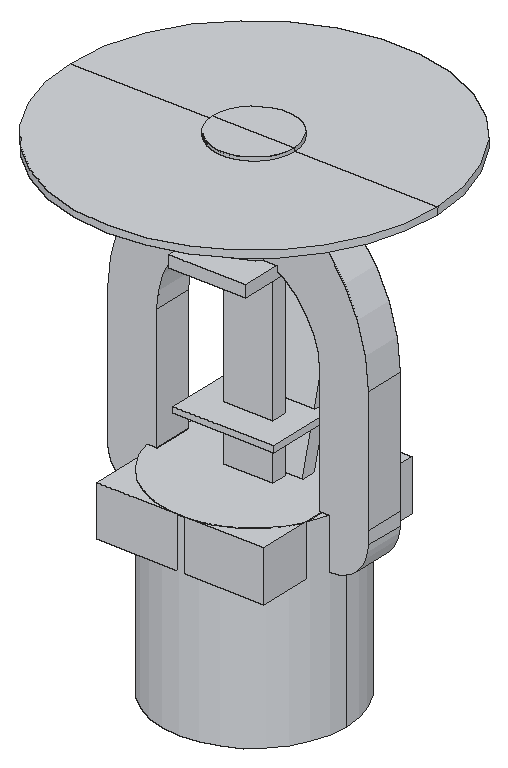
Revit family
Parameters (values of type "RASCO KFR-CCS")
  Temperature Rating = 212 °F
  Response = 1
  RASCO SIN # = "RA4454"
  RASCO Part # = "MN21113299"
  Pressure Rating = "175 PSI"
  Pressure Class = (empty or 0)
  Orifice Size = 1/2"
  Orifice = (empty or 0)
  Model = "KFR-CCS"
  Manufacturer = "RASCO"
  K-Factor = 5.6
  Description = "Bronze Finish"
  Coverage = (empty or 0)
Reference planes (in)
  plane 1 "Center (Front/Back)": y = 0
  plane 2: z = 0
  plane 3 "Center (Left/Right)": x = 0
Dimensions and locks (in)
  aligned and locked: plane 2 to level
Nested families (in)
  nested 1: "RASCO- KFR-CCS" at (-2.11938, 4.1533, 0), type "RASCO KFR-CCS"
Connectors (in)
  piping at (-2.11938, 4.1533, 0), driven by "Orifice Size"
    settings: on nested 1, index 1, connector radius 1/2", flow factor 0, pipe flow 0 GPM, pressure drop 0.00 psi, fitting loss kfactor 0, connector angle 0.00°, fixture units 0, flow configuration 0, flow direction 0, fitting loss method 0, system type 7, connector reference index -1, connector utility 0, adjustable connector no, is connector primary yes, fitting loss table "", connector description ""
Definition of nested family "RASCO- KFR-CCS"
  Parameters (values of type "RASCO KFR-CCS")
    Type Comments = ""
    Temperature Rating = 0 °F
    Response = (empty or 0)
    Pressure Rating = "0"
    Pressure Class = (empty or 0)
    Orifice Size = 0"
    Orifice = (empty or 0)
    Model = ""
    Manufacturer = ""
    K-Factor = 0
    Description = ""
    Coverage = (empty or 0)
    Assembly Code = ""
  Reference planes (in)
    plane 1 "Center (Front/Back)": y = 0
    plane 2: z = 0
    plane 3 "REF.1": z = 0.66
    plane 4 "top": z = 2.25
    plane 5: x = -0.586
    plane 6: x = 0.586
    plane 7 "head": z = 2.72724
    plane 8 "left/right center": x = 0
    plane 9 "screw": z = 1.98251
    plane 10 "link2": through (0, -0.02489, 1.21079) normal (0, 0.6767, -0.7363)
    plane 11: z = 3.03899
    plane 12: z = 1.213
    plane 13: z = 3.80984
  Forms (in)
    Extrusion 1, solid
      sketch origin (0, 0, 0) x (1, 0, 0) y (0, 1, 0)
        loop
          circle (0, 0) r 0.417
      from 0 to 0.888
    Extrusion 2, solid
      sketch origin (0.12566, -0.07908, 0.66) x (-1, 0, 0) y (0, -1, 0)
        loop
          line (-0.24934, -0.49608) -> (0.50066, -0.49608) -> (0.50066, 0.33642) -> (-0.24934, 0.33642) -> (-0.24934, -0.49608)
      from 0 to 0.228
    Extrusion 3, solid
      sketch origin (0, 0, -0.21239) x (1, 0, 0) y (0, 0, 1)
        loop
          line (-0.366, 0.87239) -> (-0.366, 1.098) -> (-0.366, 1.66049)
          arc (-0.366, 1.66049) -> (-0.30538, 1.87362) -> (-0.14166, 2.02294) r 0.40495
          line (-0.14166, 2.02294) -> (0.14034, 2.02294)
          arc (0.14034, 2.02294) -> (0.30498, 1.87397) -> (0.366, 1.66049) r 0.4039
          line (0.366, 1.66049) -> (0.366, 1.098) -> (0.366, 0.87239) -> (0.41753, 0.87239)
          arc (0.41753, 0.87239) -> (0.53666, 0.92173) -> (0.586, 1.04086) r 0.16847
          line (0.586, 1.04086) -> (0.586, 1.098) -> (0.586, 1.66049)
          arc (0.586, 1.66049) -> (0.47679, 2.05208) -> (0.18069, 2.33064) r 0.75667
          line (0.18069, 2.33064) -> (-0.17801, 2.33064)
          arc (-0.17801, 2.33064) -> (-0.47598, 2.05278) -> (-0.586, 1.66049) r 0.75436
          line (-0.586, 1.66049) -> (-0.586, 1.098) -> (-0.586, 1.04033)
          arc (-0.586, 1.04033) -> (-0.53681, 0.92158) -> (-0.41806, 0.87239) r 0.16794
          line (-0.41806, 0.87239) -> (-0.366, 0.87239)
      from -0.08649 to 0.08732
    Revolve 4, solid
      sketch origin (0, 0, -0.42747) x (1, 0, 0) y (0, 0, 1)
        loop
          line (-0.00066, 2.67751) -> (-0.18366, 2.67751) -> (-0.14166, 2.23801) -> (-0.00066, 2.23801) -> (-0.00066, 2.67751)
        axis (-0.00066, 2.23801) -> (-0.00066, 2.67751)
      angle from 0 to 360
    Revolve 5, solid
      sketch origin (0, 0, -0.27109) x (1, 0, 0) y (0, 0, 1)
        loop
          line (0, 2.50714) -> (-0.825, 2.50714) -> (-0.825, 2.47625) -> (0, 2.47625) -> (0, 2.50714)
        axis (0, 2.50714) -> (0, 2.46777)
      angle from 0 to 360
    Extrusion 6, solid
      sketch origin (0, 0, 0) x (1, 0, 0) y (0, 0, 1)
        loop
          line (0.10934, 0.888) -> (0.10934, 1.75655) -> (-0.11066, 1.75655) -> (-0.11066, 0.888) -> (0.10934, 0.888)
      from -0.03602 to 0.03346
    Extrusion 7, solid
      sketch origin (0, -0.04968, -0.36564) x (0, 0, -1) y (0, -1, 0)
        loop
          arc (-2.17619, -0.26024) -> (-2.12925, -0.35549) -> (-2.02513, -0.37629) r 0.12011
          line (-2.02513, -0.37629) -> (-1.09226, -0.12744) -> (-1.09226, -0.0637) -> (-2.04069, -0.3167)
          arc (-2.04069, -0.3167) -> (-2.09778, -0.29813) -> (-2.12219, -0.24328) r 0.07382
          line (-2.12219, -0.24328) -> (-2.12219, 0.21398) -> (-2.17619, 0.21398) -> (-2.17619, -0.26024)
      from -0.17291 to 0.17375
    Extrusion 8, solid
      sketch origin (1.28892, -180, 1.213) x (-1, 0, 0) y (0, -1, 0)
        loop
          line (1.51406, -180.26702) -> (1.51406, -179.82637) -> (1.06218, -179.82637) -> (1.06218, -180.26702) -> (1.51406, -180.26702)
      from -0.07237 to -0.09921
